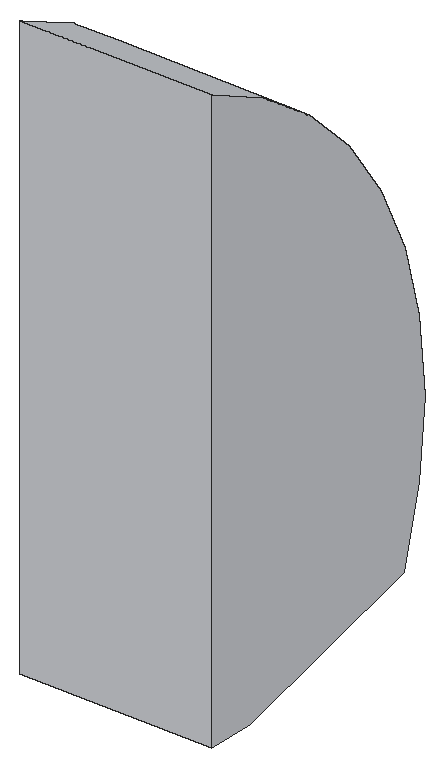
Revit family "DAN DRYER Stainless Design Mini Design 297", category Furniture Systems, host Wall, Revit 2017
Family settings
  Host = Wall
  Round Connector Dimension = Use Diameter
  Part Type = Normal
  Always vertical = Yes
  Cut with Voids When Loaded = No
  Shared = No
  Room Calculation Point = No
Parameters (values of type "Stål")
  Wicth = 120 mm
  URL = "http://www.dandryer.com/Files/Billeder/PDF/Datablade/Nye/Technical%20data%20sheet%20297.pdf"
  Type Image = <None>
  Offset from Floor = 1500 mm
  Model = "Stainless design"
  Manufacturer = "http://www.dandryer.com/"
  Height = 367 mm
  Description = "STAINLESS DESIGN Manual dispenser for disinfectant Art. no. 297"
  Cost = 0
Reference planes
  plane 1 "Wall": y = 0
  plane 2 "Center (Left/Right)": x = 125
  plane 3 "Back": y = 75
  plane 4 "Top": z = 1500
  plane 5 "Bund": z = 1133
  plane 6: x = 185
  plane 7: x = 65
  plane 8 "Manual": through (-8600, 181.187, 1185.25) normal (0, -0.8572, -0.515)
Forms (mm)
  Extrusion 1, solid
    sketch origin (125, 0, 0) x (0, 1, 0) y (0, 0, 1)
      loop
        line (75, 1133) -> (105, 1133) -> (225.741, 1165.352)
        arc (225.741, 1165.352) -> (240.929, 1234.291) -> (237.943, 1304.82) r 273.151
        arc (237.943, 1304.82) -> (182.627, 1424.246) -> (75, 1500) r 254.198
        line (75, 1500) -> (75, 1133)
    from -60 to 60
  Extrusion 2, void
    sketch origin (125, 125.577, 1138.513) x (0, -0.965926, -0.258819) y (1, 0, 0)
      loop
        line (-84.103, 0) -> (-84.103, -45) -> (-44.103, -45) -> (-44.103, -30) -> (-54.103, -30) -> (-54.103, -20) -> (-44.103, -20) -> (-44.103, 0) -> (-44.103, 20) -> (-54.103, 20) -> (-54.103, 30) -> (-44.103, 30) -> (-44.103, 45) -> (-84.103, 45) -> (-84.103, 0)
    from 0 to 5
  Sweep 3, solid
    path origin (-8600, 181.187, 1185.25) x (0, -0.515038, 0.857167) y (-1, 0, 0)
      loop
        line (-18.355, -8749.699) -> (-43.355, -8749.699)
        arc (-43.355, -8749.699) -> (-46.891, -8748.234) -> (-48.355, -8744.699) r 5
        line (-48.355, -8744.699) -> (-48.355, -8704.699)
        arc (-48.355, -8704.699) -> (-46.891, -8701.163) -> (-43.355, -8699.699) r 5
        line (-43.355, -8699.699) -> (-18.355, -8699.699)
    profile origin (149.699, 197.078, 1158.802) x (1, 0, 0) y (0, -0.857167, -0.515038)
      loop
        circle (0, 0) r 2
Cuts and joins
  Extrusion 2 cuts Extrusion 1
Text (mm)
  text "Placement Side" at (-1848.837, 1116.779, 0), in view "Ref. Level"
  text "Placement side" at (0, 1409.804, 2854.306), in view "Left"
  text "Placement side" at (0, 499.811, 2980.732), in view "Right"
Dimensions and locks
  locked: plane 3 "Back" to host wall
  "Height": plane 5 "Bund" to plane 4 "Top"
  equal spacing: plane 7, plane 2 "Center (Left/Right)", plane 6
  "Wicth": plane 7 to plane 6
  "Offset from Floor": level to plane 4 "Top"
  aligned and locked: plane 1 "Wall" to host wall
  aligned and locked: Extrusion 1 sketch curve to host wall
  aligned and locked: plane 7 to Extrusion 1
  aligned and locked: Extrusion 1 to plane 6
Automatic sketch dimensions
  Extrusion 1 sketch curve to plane 5 "Bund" = 0 mm
  Extrusion 1 sketch curve to plane 4 "Top" = 0 mm
  host wall to Extrusion 1 sketch curve = 12.51 mm
  Extrusion 1 sketch curve to Extrusion 1 sketch curve = 18.673 mm
  Extrusion 1 sketch curve to Extrusion 1 sketch curve = 30 mm
  plane 5 "Bund" to Extrusion 1 sketch curve = 32.352 mm
  Extrusion 1 sketch curve to Extrusion 1 sketch curve = 120.741 mm
  Extrusion 1 sketch curve to Extrusion 1 sketch curve = 3.242 mm
  Extrusion 1 sketch curve to Extrusion 1 sketch curve = 0 mm
  Extrusion 1 to Extrusion 2 sketch curve = 19.594 mm
  Extrusion 2 sketch curve to Extrusion 2 sketch curve = 30 mm  (x2)
  Extrusion 2 sketch curve to Extrusion 2 sketch curve = 10 mm  (x5)
  Extrusion 2 sketch curve to Extrusion 1 = 15 mm  (x2)
  Extrusion 2 sketch curve to Extrusion 2 sketch curve = 15 mm
  Extrusion 2 sketch curve to Extrusion 2 sketch curve = 20 mm  (x3)
  Sweep 3 sketch curve to plane 8 "Manual" = 0 mm
  Sweep 3 sketch curve to profile plane = 0 mm
  plane 2 "Center (Left/Right)" to Sweep 3 sketch curve = 19.699 mm
  Sweep 3 sketch curve to Sweep 3 sketch curve = 5 mm  (x2)
  Sweep 3 sketch curve to plane 2 "Center (Left/Right)" = 20.301 mm
  Sweep 3 sketch curve to Sweep 3 sketch curve = 25 mm  (x2)
  radius of Sweep 3 sketch curve = 2 mm
